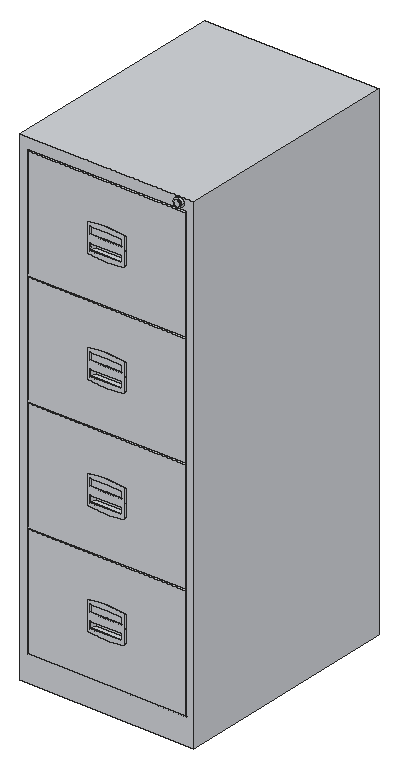
Revit family "BISLEY_CC_Filing_Cabinets", category Furniture, Revit 2018
Family settings
  OmniClass Number = 23.40.20.00
  OmniClass Title = General Furniture and Specialties
  Work Plane-Based = No
  Always vertical = Yes
  Cut with Voids When Loaded = No
  Shared = No
  Room Calculation Point = No
Parameters (values of type "CC4H1A")
  plinth height = 70 mm
  Width = 470 mm
  Weight = "39.18kg"
  Warranty = "5 years from date of purchase"  # constant formula
  Uniclass2015Version = "V1.1"  # constant formula
  Uniclass2015Title = "Shelves and Storage Units"  # constant formula
  Uniclass 2015 Code = "PR_40_30_29"  # constant formula
  URL = "www.bisley.com"
  Training Requirements for Operational Use = "N/A"  # constant formula
  Routine Maintenance = "We recommend you clean your unit with warm water and a mild detergent solution. A damp cloth can be used to remove dust particles."  # constant formula
  Range = "Contract Filing Cabinets"  # constant formula
  Product Information = "4 Drawer Cabinet"
  Number of drawers = 4
  Model Reference = "CC2H1A"
  Model = "CC Filing Cabinet"
  Material = "Steel"  # constant formula
  Manufacturer = "BISLEY"
  Label position = 135.145 mm
  Height = 1321 mm
  Finish = "Powder Coated"  # constant formula
  Drawer width2 = -213 mm
  Drawer width1 = 213 mm
  Dimensions = "1321 x 470 x 622 mm"
  Description = Product Information  # "4 Drawer Cabinet"
  Depth = 622 mm
  Compliance Standards Certification = "BS EN 14074 2004, BS EN 14073 Part 2 & 3 2004"  # constant formula
  Category = "Furniture"  # constant formula
  Author = "Bisley"  # constant formula
Types (4, lengths in mm): name | Weight | Product Information | Number of drawers | Model Reference | Height | Dimensions | Description
  (no name) | "39.18kg" | "4 Drawer Cabinet" | 4 | "CC2H1A" | 1321 | "1321 x 470 x 622 mm" | "4 Drawer Cabinet"
  CC2H1A | "22.19kg" | "2 Drawer Cabinet" | 2 | "CC2H1A" | 711 | "711 x 470 x 622 mm" | "2 Drawer Cabinet"
  CC3H1A | "30.73kg" | "3 Drawer Filing Cabinet" | 3 | "CC3H1A" | 1016 | "1016 x 470 x 622 mm" | "3 Drawer Filing Cabinet"
  CC4H1A | "39.18kg" | "4 Drawer Cabinet" | 4 | "CC2H1A" | 1321 | "1321 x 470 x 622 mm" | "4 Drawer Cabinet"
Reference planes
  plane 1 "Center (Front/Back)": y = 0
  plane 2: z = 7
  plane 3 "Center (Left/Right)": x = 0
  plane 4: x = -235
  plane 5: x = 235
  plane 6: y = 311
  plane 7: y = -311
  plane 8: z = 1328
  plane 9: z = 7
  plane 10: z = 1298
  plane 11: z = 77
  plane 12: x = -215
  plane 13: x = 215
  plane 14: y = 230
  plane 15: x = 477
  plane 16: z = 62
  plane 17: x = -477
  plane 18: z = 1245
  plane 19: z = 978
  plane 20: z = 380.514
  plane 21: z = 383.514
Forms (mm)
  Extrusion 1, solid
    sketch origin (0, 0, 7) x (1, 0, 0) y (0, 1, 0)
      loop
        line (-235, 311) -> (-235, -311) -> (235, -311) -> (235, 311) -> (-235, 311)
    from 0 to 1321
  Extrusion 2, void
    sketch origin (0, 0, 0) x (1, 0, 0) y (0, 0, 1)
      loop
        line (-215, 1298) -> (-215, 77) -> (215, 77) -> (215, 1298) -> (-215, 1298)
    from -230 to 311
  Extrusion 3, solid, not visible
    sketch origin (0, 0, -11) x (0, 0, -1) y (0, -1, 0)
      loop
        line (-375, 215) -> (-73.486, 215) -> (-73.486, 235) -> (-323.022, 235) -> (-358, 216.402) -> (-373.358, 216.402) -> (-373.358, 233.251) -> (-358, 233.251) -> (-358, 235) -> (-375, 235) -> (-375, 215)
    from -213 <- "Drawer width2" to 213 <- "Drawer width1"
  Extrusion 4, solid
    sketch origin (194.969, -66.676, 1.065) x (1, 0, 0) y (0, 0, 1)
      loop
        circle (0, 1312.202) r 12
    from 244.324 to 250
  Extrusion 5, solid
    sketch origin (194.969, -66.676, 1.065) x (1, 0, 0) y (0, 0, 1)
      loop
        circle (-0.041, 1312.074) r 7.706
    from 244.324 to 251.657
  Extrusion 6, solid
    sketch origin (0, -76, 5.514) x (0, 0, -1) y (0, -1, 0)
      loop
        line (-375, 215) -> (-73.486, 215) -> (-73.486, 235) -> (-375, 235) -> (-375, 215)
    from -213 <- "Drawer width2" to 213 <- "Drawer width1"
  Extrusion 7, solid
    sketch origin (0, -311, 0) x (1, 0, 0) y (0, 0, 1)
      loop
        spline (0, 272.257) -> (-10.741, 271.459) -> (-19.765, 270.698) -> (-27.228, 269.982) -> (-33.284, 269.317) -> (-38.087, 268.708) -> (-41.794, 268.163) -> (-44.559, 267.687) -> (-46.536, 267.288) -> (-47.882, 266.967) -> (-48.763, 266.679) -> (-49.355, 266.353) -> (-50, 265.257)
        line (-50, 265.257) -> (-50, 229.757) -> (-50, 194.257)
        spline (-50, 194.257) -> (-49.355, 193.16) -> (-48.763, 192.834) -> (-47.882, 192.547) -> (-46.536, 192.226) -> (-44.559, 191.826) -> (-41.794, 191.351) -> (-38.087, 190.806) -> (-33.284, 190.197) -> (-27.228, 189.531) -> (-19.765, 188.815) -> (-10.741, 188.055) -> (0, 187.257)
        spline (0, 187.257) -> (10.741, 188.055) -> (19.765, 188.815) -> (27.228, 189.531) -> (33.284, 190.197) -> (38.087, 190.806) -> (41.794, 191.351) -> (44.559, 191.826) -> (46.536, 192.226) -> (47.882, 192.547) -> (48.763, 192.834) -> (49.355, 193.16) -> (50, 194.257)
        line (50, 194.257) -> (50, 229.757) -> (50, 265.257)
        spline (50, 265.257) -> (49.355, 266.353) -> (48.763, 266.679) -> (47.882, 266.967) -> (46.536, 267.288) -> (44.559, 267.687) -> (41.794, 268.163) -> (38.087, 268.708) -> (33.284, 269.317) -> (27.228, 269.982) -> (19.765, 270.698) -> (10.741, 271.459) -> (0, 272.257)
      loop
        line (0, 259.757) -> (-43.2, 259.757) -> (-43.2, 239.757) -> (0, 239.757) -> (43.2, 239.757) -> (43.2, 259.757) -> (0, 259.757)
    from 0 to 3
  Extrusion 8, void
    sketch origin (0, -314, 0) x (-1, 0, 0) y (0, 0, 1)
      loop
        line (43.2, 199.757) -> (43.2, 219.757) -> (-43.2, 219.757) -> (-43.2, 199.757) -> (43.2, 199.757)
    from 0 to 18
  Extrusion 9, solid
    sketch origin (0, -76, 310.027) x (0, 0, -1) y (0, -1, 0)
      loop
        line (-375, 215) -> (-73.486, 215) -> (-73.486, 235) -> (-375, 235) -> (-375, 215)
    from -213 <- "Drawer width2" to 213 <- "Drawer width1"
  Extrusion 10, solid
    sketch origin (0, -311, 304.514) x (1, 0, 0) y (0, 0, 1)
      loop
        spline (0, 272.257) -> (-10.741, 271.459) -> (-19.765, 270.698) -> (-27.228, 269.982) -> (-33.284, 269.317) -> (-38.087, 268.708) -> (-41.794, 268.163) -> (-44.559, 267.687) -> (-46.536, 267.288) -> (-47.882, 266.967) -> (-48.763, 266.679) -> (-49.355, 266.353) -> (-50, 265.257)
        line (-50, 265.257) -> (-50, 229.757) -> (-50, 194.257)
        spline (-50, 194.257) -> (-49.355, 193.16) -> (-48.763, 192.834) -> (-47.882, 192.547) -> (-46.536, 192.226) -> (-44.559, 191.826) -> (-41.794, 191.351) -> (-38.087, 190.806) -> (-33.284, 190.197) -> (-27.228, 189.531) -> (-19.765, 188.815) -> (-10.741, 188.055) -> (0, 187.257)
        spline (0, 187.257) -> (10.741, 188.055) -> (19.765, 188.815) -> (27.228, 189.531) -> (33.284, 190.197) -> (38.087, 190.806) -> (41.794, 191.351) -> (44.559, 191.826) -> (46.536, 192.226) -> (47.882, 192.547) -> (48.763, 192.834) -> (49.355, 193.16) -> (50, 194.257)
        line (50, 194.257) -> (50, 229.757) -> (50, 265.257)
        spline (50, 265.257) -> (49.355, 266.353) -> (48.763, 266.679) -> (47.882, 266.967) -> (46.536, 267.288) -> (44.559, 267.687) -> (41.794, 268.163) -> (38.087, 268.708) -> (33.284, 269.317) -> (27.228, 269.982) -> (19.765, 270.698) -> (10.741, 271.459) -> (0, 272.257)
      loop
        line (0, 259.757) -> (-43.2, 259.757) -> (-43.2, 239.757) -> (0, 239.757) -> (43.2, 239.757) -> (43.2, 259.757) -> (0, 259.757)
    from 0 to 3
  Extrusion 11, void
    sketch origin (0, -314, 304.514) x (-1, 0, 0) y (0, 0, 1)
      loop
        line (43.2, 199.757) -> (43.2, 219.757) -> (-43.2, 219.757) -> (-43.2, 199.757) -> (43.2, 199.757)
    from 0 to 18
  Extrusion 12, solid
    sketch origin (0, -76, 614.541) x (0, 0, -1) y (0, -1, 0)
      loop
        line (-375, 215) -> (-73.486, 215) -> (-73.486, 235) -> (-375, 235) -> (-375, 215)
    from -213 <- "Drawer width2" to 213 <- "Drawer width1"
  Extrusion 13, solid
    sketch origin (0, -311, 609.027) x (1, 0, 0) y (0, 0, 1)
      loop
        spline (0, 272.257) -> (-10.741, 271.459) -> (-19.765, 270.698) -> (-27.228, 269.982) -> (-33.284, 269.317) -> (-38.087, 268.708) -> (-41.794, 268.163) -> (-44.559, 267.687) -> (-46.536, 267.288) -> (-47.882, 266.967) -> (-48.763, 266.679) -> (-49.355, 266.353) -> (-50, 265.257)
        line (-50, 265.257) -> (-50, 229.757) -> (-50, 194.257)
        spline (-50, 194.257) -> (-49.355, 193.16) -> (-48.763, 192.834) -> (-47.882, 192.547) -> (-46.536, 192.226) -> (-44.559, 191.826) -> (-41.794, 191.351) -> (-38.087, 190.806) -> (-33.284, 190.197) -> (-27.228, 189.531) -> (-19.765, 188.815) -> (-10.741, 188.055) -> (0, 187.257)
        spline (0, 187.257) -> (10.741, 188.055) -> (19.765, 188.815) -> (27.228, 189.531) -> (33.284, 190.197) -> (38.087, 190.806) -> (41.794, 191.351) -> (44.559, 191.826) -> (46.536, 192.226) -> (47.882, 192.547) -> (48.763, 192.834) -> (49.355, 193.16) -> (50, 194.257)
        line (50, 194.257) -> (50, 229.757) -> (50, 265.257)
        spline (50, 265.257) -> (49.355, 266.353) -> (48.763, 266.679) -> (47.882, 266.967) -> (46.536, 267.288) -> (44.559, 267.687) -> (41.794, 268.163) -> (38.087, 268.708) -> (33.284, 269.317) -> (27.228, 269.982) -> (19.765, 270.698) -> (10.741, 271.459) -> (0, 272.257)
      loop
        line (0, 259.757) -> (-43.2, 259.757) -> (-43.2, 239.757) -> (0, 239.757) -> (43.2, 239.757) -> (43.2, 259.757) -> (0, 259.757)
    from 0 to 3
  Extrusion 14, void
    sketch origin (0, -314, 609.027) x (-1, 0, 0) y (0, 0, 1)
      loop
        line (43.2, 199.757) -> (43.2, 219.757) -> (-43.2, 219.757) -> (-43.2, 199.757) -> (43.2, 199.757)
    from 0 to 18
  Extrusion 15, solid
    sketch origin (0, -76, 919.054) x (0, 0, -1) y (0, -1, 0)
      loop
        line (-375, 215) -> (-73.486, 215) -> (-73.486, 235) -> (-375, 235) -> (-375, 215)
    from -213 <- "Drawer width2" to 213 <- "Drawer width1"
  Extrusion 16, solid
    sketch origin (0, -311, 913.541) x (1, 0, 0) y (0, 0, 1)
      loop
        spline (0, 272.257) -> (-10.741, 271.459) -> (-19.765, 270.698) -> (-27.228, 269.982) -> (-33.284, 269.317) -> (-38.087, 268.708) -> (-41.794, 268.163) -> (-44.559, 267.687) -> (-46.536, 267.288) -> (-47.882, 266.967) -> (-48.763, 266.679) -> (-49.355, 266.353) -> (-50, 265.257)
        line (-50, 265.257) -> (-50, 229.757) -> (-50, 194.257)
        spline (-50, 194.257) -> (-49.355, 193.16) -> (-48.763, 192.834) -> (-47.882, 192.547) -> (-46.536, 192.226) -> (-44.559, 191.826) -> (-41.794, 191.351) -> (-38.087, 190.806) -> (-33.284, 190.197) -> (-27.228, 189.531) -> (-19.765, 188.815) -> (-10.741, 188.055) -> (0, 187.257)
        spline (0, 187.257) -> (10.741, 188.055) -> (19.765, 188.815) -> (27.228, 189.531) -> (33.284, 190.197) -> (38.087, 190.806) -> (41.794, 191.351) -> (44.559, 191.826) -> (46.536, 192.226) -> (47.882, 192.547) -> (48.763, 192.834) -> (49.355, 193.16) -> (50, 194.257)
        line (50, 194.257) -> (50, 229.757) -> (50, 265.257)
        spline (50, 265.257) -> (49.355, 266.353) -> (48.763, 266.679) -> (47.882, 266.967) -> (46.536, 267.288) -> (44.559, 267.687) -> (41.794, 268.163) -> (38.087, 268.708) -> (33.284, 269.317) -> (27.228, 269.982) -> (19.765, 270.698) -> (10.741, 271.459) -> (0, 272.257)
      loop
        line (0, 259.757) -> (-43.2, 259.757) -> (-43.2, 239.757) -> (0, 239.757) -> (43.2, 239.757) -> (43.2, 259.757) -> (0, 259.757)
    from 0 to 3
  Extrusion 17, void
    sketch origin (0, -314, 913.541) x (-1, 0, 0) y (0, 0, 1)
      loop
        line (43.2, 199.757) -> (43.2, 219.757) -> (-43.2, 219.757) -> (-43.2, 199.757) -> (43.2, 199.757)
    from 0 to 18
Cuts and joins
  Extrusion 2 cuts Extrusion 1
  Extrusion 8, Extrusion 11 cuts Extrusion 6
  Extrusion 8, Extrusion 11 cuts Extrusion 7
  Extrusion 11 cuts Extrusion 9
  Extrusion 11 cuts Extrusion 10
  Extrusion 14 cuts Extrusion 12
  Extrusion 14 cuts Extrusion 13
  Extrusion 17 cuts Extrusion 15
  Extrusion 17 cuts Extrusion 16
Lines and regions (mm)
  reference lines
    curve 1: line (-213, 0, 229.757) -> (213, 0, 229.757)
    curve 2: line (-50, 0, 187.257) -> (50, 0, 187.257)
    curve 3: line (-50, 0, 272.257) -> (-50, 0, 187.257)
    curve 4: line (50, 0, 272.257) -> (-50, 0, 272.257)
    curve 5: line (50, 0, 187.257) -> (50, 0, 272.257)
    curve 6: line (50, 0, 265.257) -> (-50, 0, 265.257)
    curve 7: line (-50, 0, 194.257) -> (50, 0, 194.257)
    curve 8: line (-50, 0, 259.757) -> (50, 0, 259.757)
    curve 9: line (-50, 0, 239.757) -> (50, 0, 239.757)
    curve 10: line (-43.2, 0, 272.257) -> (-43.2, 0, 187.257)
    curve 11: line (-213, 0, 534.27) -> (213, 0, 534.27)
    curve 12: line (-50, 0, 491.77) -> (50, 0, 491.77)
    curve 13: line (-50, 0, 576.77) -> (-50, 0, 491.77)
    curve 14: line (50, 0, 576.77) -> (-50, 0, 576.77)
    curve 15: line (50, 0, 491.77) -> (50, 0, 576.77)
    curve 16: line (50, 0, 569.77) -> (-50, 0, 569.77)
    curve 17: line (-50, 0, 498.77) -> (50, 0, 498.77)
    curve 18: line (-50, 0, 564.27) -> (50, 0, 564.27)
    curve 19: line (-50, 0, 544.27) -> (50, 0, 544.27)
    curve 20: line (-43.2, 0, 576.77) -> (-43.2, 0, 491.77)
    curve 21: line (-213, 0, 838.784) -> (213, 0, 838.784)
    curve 22: line (-50, 0, 796.284) -> (50, 0, 796.284)
    curve 23: line (-50, 0, 881.284) -> (-50, 0, 796.284)
    curve 24: line (50, 0, 881.284) -> (-50, 0, 881.284)
    curve 25: line (50, 0, 796.284) -> (50, 0, 881.284)
    curve 26: line (50, 0, 874.284) -> (-50, 0, 874.284)
    curve 27: line (-50, 0, 803.284) -> (50, 0, 803.284)
    curve 28: line (-50, 0, 868.784) -> (50, 0, 868.784)
    curve 29: line (-50, 0, 848.784) -> (50, 0, 848.784)
    curve 30: line (-43.2, 0, 881.284) -> (-43.2, 0, 796.284)
    curve 31: line (-213, 0, 1143.298) -> (213, 0, 1143.298)
    curve 32: line (-50, 0, 1100.798) -> (50, 0, 1100.798)
    curve 33: line (-50, 0, 1185.798) -> (-50, 0, 1100.798)
    curve 34: line (50, 0, 1185.798) -> (-50, 0, 1185.798)
    curve 35: line (50, 0, 1100.798) -> (50, 0, 1185.798)
    curve 36: line (50, 0, 1178.798) -> (-50, 0, 1178.798)
    curve 37: line (-50, 0, 1107.798) -> (50, 0, 1107.798)
    curve 38: line (-50, 0, 1173.298) -> (50, 0, 1173.298)
    curve 39: line (-50, 0, 1153.298) -> (50, 0, 1153.298)
    curve 40: line (-43.2, 0, 1185.798) -> (-43.2, 0, 1100.798)
Dimensions and locks
  equal spacing: plane 4, plane 3 "Center (Left/Right)", plane 5
  "Width": plane 4 to plane 5
  "Depth": plane 6 to plane 7
  locked: plane 9 to level
  "plinth height": plane 11 to plane 9
  locked: plane 8 to plane 10 at 30
  locked: plane 12 to plane 4 at 20
  locked: plane 5 to plane 13 at 20
  "Height": plane 8 to plane 9
  plane 3 "Center (Left/Right)" to plane 15 = 477 mm
  plane 18 to plane 19 = 267 mm
  equal spacing: plane 15, plane 3 "Center (Left/Right)", plane 17
  plane 17 to cut or joined group of Extrusion 1, Extrusion 2 = 262 mm
  equal spacing: plane 6, plane 1 "Center (Front/Back)", plane 7
  equal spacing: group 2, group 3, group 4, group 5  (x3)
  aligned and locked: level to plane 2
  aligned and locked: Extrusion 1 sketch curve to plane 6
  aligned and locked: plane 4 to Extrusion 1 sketch curve
  aligned and locked: plane 7 to Extrusion 1 sketch curve
  aligned and locked: Extrusion 1 sketch curve to plane 5
  aligned and locked: Extrusion 1 to plane 9
  aligned and locked: plane 8 to Extrusion 1
  aligned and locked: Extrusion 2 sketch curve to plane 10
  aligned and locked: plane 12 to Extrusion 2 sketch curve
  aligned and locked: Extrusion 2 sketch curve to plane 11
  aligned and locked: Extrusion 2 sketch curve to plane 13
  aligned and locked: Extrusion 2 to plane 7
  aligned and locked: Extrusion 2 to plane 14
Automatic sketch dimensions
  Extrusion 3 sketch curve to Extrusion 3 sketch curve = 1.642 mm
  Extrusion 3 sketch curve to Extrusion 3 sketch curve = 15.358 mm  (x2)
  Extrusion 3 sketch curve to Extrusion 3 sketch curve = 34.978 mm
  Extrusion 3 sketch curve to Extrusion 3 sketch curve = 249.536 mm
  Extrusion 3 sketch curve to Extrusion 3 sketch curve = 1.402 mm
  Extrusion 3 sketch curve to Extrusion 3 sketch curve = 16.849 mm
  Extrusion 3 sketch curve to Extrusion 3 sketch curve = 1.749 mm
  Extrusion 3 sketch curve to Extrusion 3 sketch curve = 0 mm
  Extrusion 6 sketch curve to Extrusion 6 sketch curve = 301.514 mm
  Extrusion 6 sketch curve to Extrusion 6 sketch curve = 20 mm
  Extrusion 4 sketch curve to plane 13 = 20.031 mm
  Extrusion 4 sketch curve to plane 8 = 14.733 mm
  Extrusion 5 sketch curve to plane 13 = 20.073 mm
  Extrusion 5 sketch curve to plane 8 = 14.861 mm
  Extrusion 7 sketch curve to Extrusion 7 sketch curve = 7 mm  (x2)
  Extrusion 7 sketch curve to Extrusion 7 sketch curve = 10 mm
  Extrusion 7 sketch curve to Extrusion 7 sketch curve = 20 mm
  Extrusion 7 sketch curve to Extrusion 7 sketch curve = 5.5 mm  (x2)
  Extrusion 7 sketch curve to Extrusion 7 sketch curve = 12.5 mm
  Extrusion 7 sketch curve to Extrusion 7 sketch curve = 6.8 mm  (x2)
  Extrusion 7 sketch curve to Extrusion 7 sketch curve = 43.2 mm  (x2)
  Extrusion 7 sketch curve to Extrusion 7 sketch curve = 35.5 mm  (x2)
  Extrusion 8 sketch curve to Extrusion 7 = 0 mm  (x2)
  Extrusion 7 to Extrusion 8 sketch curve = 20 mm
  Extrusion 8 sketch curve to Extrusion 8 sketch curve = 20 mm
  Extrusion 7 sketch curve to Extrusion 7 sketch curve = 50 mm
  Extrusion 7 sketch curve to Extrusion 7 sketch curve = 0 mm  (x2)
  Extrusion 9 sketch curve to Extrusion 9 sketch curve = 301.514 mm
  Extrusion 9 sketch curve to Extrusion 9 sketch curve = 20 mm
  Extrusion 10 sketch curve to Extrusion 10 sketch curve = 7 mm  (x2)
  Extrusion 10 sketch curve to Extrusion 10 sketch curve = 10 mm
  Extrusion 10 sketch curve to Extrusion 10 sketch curve = 20 mm
  Extrusion 10 sketch curve to Extrusion 10 sketch curve = 5.5 mm  (x2)
  Extrusion 10 sketch curve to Extrusion 10 sketch curve = 12.5 mm
  Extrusion 10 sketch curve to Extrusion 10 sketch curve = 6.8 mm  (x2)
  Extrusion 10 sketch curve to Extrusion 10 sketch curve = 43.2 mm  (x2)
  Extrusion 10 sketch curve to Extrusion 10 sketch curve = 35.5 mm  (x2)
  Extrusion 11 sketch curve to Extrusion 10 = 0 mm  (x2)
  Extrusion 10 to Extrusion 11 sketch curve = 20 mm
  Extrusion 11 sketch curve to Extrusion 11 sketch curve = 20 mm
  Extrusion 10 sketch curve to Extrusion 10 sketch curve = 50 mm
  Extrusion 10 sketch curve to Extrusion 10 sketch curve = 0 mm  (x2)
  Extrusion 12 sketch curve to Extrusion 12 sketch curve = 301.514 mm
  Extrusion 12 sketch curve to Extrusion 12 sketch curve = 20 mm
  Extrusion 13 sketch curve to Extrusion 13 sketch curve = 7 mm  (x2)
  Extrusion 13 sketch curve to Extrusion 13 sketch curve = 10 mm
  Extrusion 13 sketch curve to Extrusion 13 sketch curve = 20 mm
  Extrusion 13 sketch curve to Extrusion 13 sketch curve = 5.5 mm  (x2)
  Extrusion 13 sketch curve to Extrusion 13 sketch curve = 12.5 mm
  Extrusion 13 sketch curve to Extrusion 13 sketch curve = 6.8 mm  (x2)
  Extrusion 13 sketch curve to Extrusion 13 sketch curve = 43.2 mm  (x2)
  Extrusion 13 sketch curve to Extrusion 13 sketch curve = 35.5 mm  (x2)
  Extrusion 14 sketch curve to Extrusion 13 = 0 mm  (x2)
  Extrusion 13 to Extrusion 14 sketch curve = 20 mm
  Extrusion 14 sketch curve to Extrusion 14 sketch curve = 20 mm
  Extrusion 13 sketch curve to Extrusion 13 sketch curve = 50 mm
  Extrusion 13 sketch curve to Extrusion 13 sketch curve = 0 mm  (x2)
  Extrusion 15 sketch curve to Extrusion 15 sketch curve = 301.514 mm
  Extrusion 15 sketch curve to Extrusion 15 sketch curve = 20 mm
  Extrusion 16 sketch curve to Extrusion 16 sketch curve = 7 mm  (x2)
  Extrusion 16 sketch curve to Extrusion 16 sketch curve = 10 mm
  Extrusion 16 sketch curve to Extrusion 16 sketch curve = 20 mm
  Extrusion 16 sketch curve to Extrusion 16 sketch curve = 5.5 mm  (x2)
  Extrusion 16 sketch curve to Extrusion 16 sketch curve = 12.5 mm
  Extrusion 16 sketch curve to Extrusion 16 sketch curve = 6.8 mm  (x2)
  Extrusion 16 sketch curve to Extrusion 16 sketch curve = 43.2 mm  (x2)
  Extrusion 16 sketch curve to Extrusion 16 sketch curve = 35.5 mm  (x2)
  Extrusion 17 sketch curve to Extrusion 16 = 0 mm  (x2)
  Extrusion 16 to Extrusion 17 sketch curve = 20 mm
  Extrusion 17 sketch curve to Extrusion 17 sketch curve = 20 mm
  Extrusion 16 sketch curve to Extrusion 16 sketch curve = 50 mm
  Extrusion 16 sketch curve to Extrusion 16 sketch curve = 0 mm  (x2)
  radius of Extrusion 4 sketch curve = 12 mm
  radius of Extrusion 5 sketch curve = 7.706 mm
